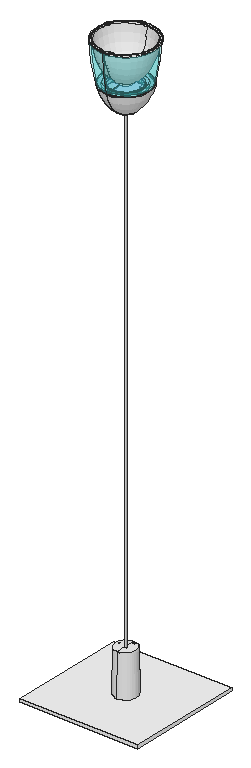
Revit family "BE_56565.1_de_DE", category Leuchten, Revit 2015
Parameters (values of type "BEGA_56565.1_K4")
  built-in parameter 1150104 = 15.143 (stored number, unit not read)
  Wattage = 13.5 W
  Default Elevation = 0 mm
  built-in parameter 1150113 = 1 (stored number, unit not read)
  built-in parameter 1114218 = 1 (stored number, unit not read)
  Umgebungstemperatur = "25 °C"
  URL = "http://www.bega.de/produkt/56565.1"
  Typenkommentare = "© 2017 BEGA. Wir behalten uns das Recht vor, technische Änderungen ohne vorherige Ankündigung vorzunehmen."  # constant formula
  built-in parameter 1150134 = 12
  built-in parameter 1150109 = 1 (stored number, unit not read)
  Strom = ""
  built-in parameter 1150110 = 1 (stored number, unit not read)
  Spannung = 239.996 V
  Sonderanfertigung = no
  Seriennummer [instance] = "Hier können Sie die eindeutige Seriennummer für das Facility Management eintragen."
  Schutzklasse = "I"
  Schutzart = "IP 20"
  Scheinlast = 0 VA
  Produktdatenblatt = "http://www.bega.de/download/Xrfa/db/56565.1.db.de.pdf"
  Oberflächentemperatur = ""
  Neigungswinkel = 0.00°
  Modell = "56565.1K4"
  Material_18 = BEGA_Gummi_schwarz
  Material_17 = BEGA_Reflektor
  Material_15 = BEGA_Leuchtmedium_matt
  Material_11 = BEGA_Glas_opal
  Material_10 = BEGA_Glas_matt
  Material_09 = BEGA_Glas_klar
  Material_06 = BEGA_Oberfläche_Edelstahl_gebürstet
  Material_05 = BEGA_Oberfläche_Aluminium Guss
  Material_03 = BEGA_Oberfläche_Weiss_matt
  Material_02 = BEGA_Oberfläche_Silber_matt
  Material_01 [instance] = BEGA_Oberfläche_Grafit_matt
  M_W = no
  M_G = no
  M_A = no
  Logo = 0
  built-in parameter 1114217 = 1 (stored number, unit not read)
  built-in parameter 1150139 = (empty or 0)
  built-in parameter 1150105 = 175.11 (stored number, unit not read)
  built-in parameter 1150114 = 1 (stored number, unit not read)
  Lumens = 2200.5 lm
  built-in parameter 1150115 = 1 (stored number, unit not read)
  Leuchtenlichtstrom = "1567 lm"
  Leuchtenanzahl = ""
  Lebensdauerkriterien = "L70B50 @ 25 °C = 500000 h"
  Lastklassifizierung = Beleuchtung
  built-in parameter 1150112 = 1 (stored number, unit not read)
  Lampenlichtstrom = "2200 lm"
  Lampe = "LED 13.5 W"
  LED_Modulbezeichnung = "LED-0328/940"
  Hersteller = "BEGA"  # constant formula
  Halbstreuwinkel = ""
  Gewicht = "2.5 kg"
  Gebrauchslageneinschränkung [instance] = ""
  Frequenz = "0/50-60 Hz"
  Farbwiedergabeindex = "Ra > 90"
  Farbtemperaturverschiebung bei Dämpfen der Lampe = <Keine Auswahl>
  Farbtemperatur = "4000 K"
  Color Filter = 16777215
  built-in parameter 1150133 = 10 (stored number, unit not read)
  Energieeffizienzklasse = "LED A++ - A"
  built-in parameter 1150137 = (empty or 0)
  built-in parameter 1150132 = (empty or 0)
  ENEC = "ja"
  Dimmbar [instance] = "DALI"
  Datei für fotometrisches Netz = "BE_56565K4.IES"
  CE_Konformität = "ja"
  Bestellnummer = "56565.1K4"
  Beschreibung_Sonderanfertigung = "Hier können Sie Informationen zur Sonderanfertigung eintragen."
  Beschreibung = "Pendelleuchte"
  built-in parameter 1150106 = 1.7511 (stored number, unit not read)
  Befestigungsbohrung = ""
  Befestigungsabstand = ""
  Ballwurfsicher = ""
  BEGA_Intern_aus = yes
  BEGA_Intern_an = yes
  BEGA_Intern_Konstruktion = yes
  BEGA_Intern = yes
  BEGA_IES = yes
  BEGA_Dummy = no
  Anschlussleitung = ""
  Anschlussleistung [instance] = "15.5 W"
  Anschlusskasten = ""
  built-in parameter 1150107 = 4000 (stored number, unit not read)
  built-in parameter 1150102 = (empty or 0)
  built-in parameter 1150138 = (empty or 0)
  Aktualisierung = "2017-09-27T04:10:59"
  Abstand_zur_angestrahlten_Fläche [instance] = ""
  AC/DC = "AC/DC"
Types (2, lengths in mm): name | built-in parameter 1150104 | built-in parameter 1150134 | Modell | built-in parameter 1150105 | Lumens | Leuchtenlichtstrom | Lampenlichtstrom | LED_Modulbezeichnung | Farbtemperatur | Datei für fotometrisches Netz | Bestellnummer | built-in parameter 1150106 | built-in parameter 1150107
  BEGA_56565.1_K4 | 15.143 (stored number, unit not read) | 12 | "56565.1K4" | 175.11 (stored number, unit not read) | 2200.5 lm | "1567 lm" | "2200 lm" | "LED-0328/940" | "4000 K" | "BE_56565K4.IES" | "56565.1K4" | 1.7511 (stored number, unit not read) | 4000 (stored number, unit not read)
  BEGA_56565.1_K3 | 14.688 (stored number, unit not read) | (empty or 0) | "56565.1" | 169.85 (stored number, unit not read) | 2134.35 lm | "1520 lm" | "2135 lm" | "LED-0328/930" | "3000 K" | "BE_56565.IES" | "56565.1" | 1.6985 (stored number, unit not read) | 3000 (stored number, unit not read)
Reference planes
  plane 1 "Mitte (Vorne/Hinten)": y = 0
  plane 2: z = 0
  plane 3 "Mitte (Links/Rechts)": x = 0
  plane 4 "Links": x = -98.7
  plane 5 "Rechts": x = 98.7
  plane 6 "Unten": y = -98.701
  plane 7 "Oben": y = 98.701
  plane 8 "Vorne": z = 2000
  plane 9 "Hinten": z = 0
Forms (mm)
  Extrusion 1, solid, material "BEGA_Platte_Weiss"
    sketch origin (0, -1119.2, 0) x (1, 0, 0) y (0, 1, 0)
      loop
        line (-200, 1319.2) -> (-200, 919.2) -> (200, 919.2) -> (200, 1319.2) -> (-200, 1319.2)
    from 0 to -10
  Extrusion 2, solid, material "BEGA_Dummy_matt", visible <- "BEGA_Dummy"
    sketch origin (77.149, -76.023, 0) x (1, 0, 0) y (0, 1, 0)
      loop
        circle (-77.149, 76.023) r 98.7
    from 0 to 2000
Dimensions and locks
  plane 1 "Mitte (Vorne/Hinten)" to Extrusion 1 = 200 mm
  aligned and locked: plane 2 to Extrusion 1
  aligned and locked: level to Extrusion 1
Nested families
  nested 1: "BE_56565.1" at (0, 0, 0), type "BE_56565.1"
Connectors
  electrical at (0, 0, 0), driven by "Lastklassifizierung", driven by "Spannung", driven by "Scheinlast"
    settings: index 1, voltage 239.996 V, apparent load 0 VA, apparent load phase1 0 VA, apparent load phase2 0 VA, apparent load phase3 0 VA, power factor 1, load classification "Beleuchtung", number of poles 1, system type 31, power factor state 1, is connector primary yes, connector utility no, sub classification motor no, connector description ""
Definition of nested family "BE_56565.1"
  Parameters (values of type "BE_56565.1")
    Default Elevation = 1 mm
    URL = "http://www.bega.de/de/produkt"
    Type Comments = "© 2015 BEGA. Wir behalten uns das Recht vor, technische Änderungen ohne vorherige Ankündigung vorzunehmen. "  # constant formula
    Type Image = (empty or 0)
    Neigungswinkel_um_Z2 = 0.00°
    Neigungswinkel_um_Z1 = 0.00°
    Neigungswinkel_um_Y2 = 0.00°
    Neigungswinkel_um_Y1 = 0.00°
    Neigungswinkel_um_X2 = 0.00°
    Neigungswinkel_um_X1 = 0.00°
    Material_18 = none
    Material_17 = none
    Material_15 = none
    Material_11 = none
    Material_10 = none
    Material_09 = none
    Material_06 = none
    Material_05 = none
    Material_03 = none
    Material_02 = none
    Material_01 = none
    M_W = yes
    M_G = yes
    M_A = yes
    Länge_Platte = 300 mm  # constant formula
    Höhe_Platte = -10 mm  # constant formula
    Manufacturer = "BEGA"  # constant formula
    Drehwinkel_um_Z2 = 0.00°
    Drehwinkel_um_Z1 = 0.00°
    Breite_Platte = 300 mm  # constant formula
  Reference planes
    plane 1 "Mitte (Oben/Unten)": y = 0
    plane 2: z = 0
    plane 3 "Mitte (Links/Rechts)": x = 0
    plane 4: y = 98.701
    plane 5: z = 2000
    plane 6: y = -98.701
    plane 7: x = -98.7
    plane 8: x = 98.7
  Forms (mm)
    Extrusion 1, solid, detail levels medium
      sketch origin (0, 0, 0) x (1, 0, 0) y (0, 1, 0)
        loop
          line (-150, 150) -> (-150, -150) -> (150, -150) -> (150, 150) -> (-150, 150)
      from 0 to -10 <- "Höhe_Platte"
    Revolve 2, solid, material <- "Material_03", detail levels medium+fine
      sketch origin (0, 0, 0) x (0, 1, 0) y (0, 0, 1)
        loop
          line (-36.248, 0.5) -> (-34, 0.5) -> (-34, 2.676) -> (-32.481, 2.729) -> (-31.3, 138.025)
          arc (-31.3, 138.025) -> (-30.705, 139.423) -> (-29.3, 140) r 2
          line (-29.3, 140) -> (0, 140) -> (0, 143.501)
          arc (0, 143.501) -> (-17.512, 143.245) -> (-35.009, 142.479) r 600
          line (-35.009, 142.479) -> (-36.248, 0.5)
        axis (0, 0.5) -> (0, 143.501)
      angle from 0 to 360
    Revolve 3, solid, material <- "Material_05", detail levels medium+fine
      sketch origin (0, 0, 0) x (0, 1, 0) y (0, 0, 1)
        loop
          line (-32.14, 2) -> (-32.175, 1) -> (-33.765, 1) -> (-33.8, 0) -> (0, 0) -> (0, 2) -> (-32.14, 2)
        axis (0, 0) -> (0, 2)
      angle from 0 to 360
    Extrusion 4, void
      sketch origin (0, 0, 0) x (1, 0, 0) y (0, 1, 0)
        loop
          arc (-9.887, 12.652) -> (-16.053, -0.003) -> (-9.876, -12.652) r 16.053
          line (-9.876, -12.652) -> (9.484, -12.652)
          arc (9.484, -12.652) -> (15.815, -0.003) -> (9.495, 12.652) r 15.815
          line (9.495, 12.652) -> (-9.887, 12.652)
        loop
          circle (-0.016, 25) r 2.25
        loop
          circle (-0.016, -25) r 2.25
      from 0 to 3.541
    Revolve 5, solid, material <- "Material_03", detail levels medium+fine
      sketch origin (0, 0, 0) x (0, 1, 0) y (0, 0, 1)
        loop
          line (-90.72, 2000.004) -> (-97.699, 2000.004)
          arc (-97.699, 2000.004) -> (-98.408, 1999.71) -> (-98.701, 1999.002) r 1.002
          line (-98.701, 1999.002) -> (-98.701, 1997) -> (-97.7, 1997) -> (-97.614, 1999) -> (-90.721, 1999)
          spline (-90.721, 1999) -> (-89.535, 1984.896) -> (-87.434, 1971.047) -> (-84.441, 1957.596) -> (-80.582, 1944.682) -> (-75.892, 1932.438) -> (-70.424, 1920.981) -> (-64.234, 1910.431) -> (-57.378, 1900.901) -> (-49.924, 1892.488) -> (-41.947, 1885.28) -> (-33.527, 1879.353) -> (-24.75, 1874.77)
          line (-24.75, 1874.77) -> (-24.75, 1869.5) -> (-23.753, 1869.5) -> (-23.753, 1874.786)
          arc (-23.753, 1874.786) -> (-23.92, 1875.336) -> (-24.363, 1875.702) r 0.997
          spline (-24.363, 1875.702) -> (-33.016, 1880.219) -> (-41.329, 1886.071) -> (-49.216, 1893.198) -> (-56.598, 1901.528) -> (-63.396, 1910.973) -> (-69.543, 1921.438) -> (-74.973, 1932.814) -> (-79.633, 1944.984) -> (-83.472, 1957.823) -> (-86.453, 1971.199) -> (-88.544, 1984.974) -> (-89.723, 1999.007)
          arc (-89.723, 1999.007) -> (-90.015, 1999.712) -> (-90.72, 2000.004) r 0.996
        axis (0, 1869.5) -> (0, 2000.004)
      angle from 0 to 360
    Revolve 6, solid, material <- "Material_09", detail levels medium+fine
      sketch origin (0, 0, 0) x (0, 1, 0) y (0, 0, 1)
        loop
          arc (-97.614, 1999) -> (-92.825, 1931.295) -> (-80.779, 1864.497) r 629.936
          arc (-80.779, 1864.497) -> (-80.433, 1863.938) -> (-79.821, 1863.698) r 1.04
          line (-79.821, 1863.698) -> (-65.895, 1862.968) -> (-61, 1837.468) -> (-56.5, 1837.468) -> (-56.5, 1860.345)
          arc (-56.5, 1860.345) -> (-58.424, 1865.16) -> (-63.134, 1867.33) r 7
          line (-63.134, 1867.33) -> (-77.199, 1868.067)
          arc (-77.199, 1868.067) -> (-88.717, 1933.108) -> (-93.313, 1999) r 625.636
          line (-93.313, 1999) -> (-97.614, 1999)
        axis (0, 1837.468) -> (0, 1999)
      angle from 0 to 360
    Revolve 7, solid, material <- "Material_03", detail levels medium+fine
      sketch origin (0, 0, 0) x (0, 1, 0) y (0, 0, 1)
        loop
          line (0.025, 1775.9) -> (0.025, 1779.75)
          arc (0.025, 1779.75) -> (-21.17, 1783.699) -> (-39.04, 1795.761) r 53.013
          arc (-39.04, 1795.761) -> (-62.198, 1826.889) -> (-76.386, 1863) r 146.692
          line (-76.386, 1863) -> (-80.4, 1863)
          arc (-80.4, 1863) -> (-65.84, 1825.416) -> (-41.834, 1793.04) r 150.592
          arc (-41.834, 1793.04) -> (-24.398, 1780.841) -> (-3.7, 1775.9) r 56.913
          line (-3.7, 1775.9) -> (0.025, 1775.9)
        axis (0.025, 1775.9) -> (0.025, 1863)
      angle from 0 to 360
    Revolve 8, solid, material <- "Material_03", detail levels medium+fine
      sketch origin (0, 0, 0) x (0, 1, 0) y (0, 0, 1)
        loop
          line (-2.51, 118.995) -> (0, 118.995) -> (0, 1796.8) -> (-2.51, 1796.8) -> (-2.51, 118.995)
        axis (0, 1796.8) -> (0, 118.995)
      angle from 0 to 360
    Revolve 9, solid, material <- "Material_10", detail levels medium+fine
      sketch origin (0, 0, 0) x (0, 1, 0) y (0, 0, 1)
        loop
          line (0, 1869.794) -> (0, 1883.794)
          arc (0, 1883.794) -> (-11.444, 1882.094) -> (-21.9, 1877.14) r 39.364
          arc (-21.9, 1877.14) -> (-22.828, 1876.132) -> (-23.211, 1874.815) r 3
          line (-23.211, 1874.815) -> (-23.5, 1869.296) -> (-54.054, 1865.002) -> (-54.472, 1857.03)
          arc (-54.472, 1857.03) -> (-54.337, 1856.657) -> (-53.973, 1856.5) r 0.5
          line (-53.973, 1856.5) -> (-50.494, 1856.5) -> (-50.232, 1861.5) -> (-20.486, 1865.681)
          arc (-20.486, 1865.681) -> (-19.892, 1865.998) -> (-19.635, 1866.621) r 1
          line (-19.635, 1866.621) -> (-19.468, 1869.794) -> (0, 1869.794)
        axis (0, 1883.794) -> (0, 1856.5)
      angle from 0 to 360
  Cuts and joins
    Extrusion 4 cuts Revolve 3
  Dimensions and locks
    equal spacing: Extrusion 1 sketch curve, plane 3 "Mitte (Links/Rechts)", Extrusion 1 sketch curve
    equal spacing: Extrusion 1 sketch curve, plane 1 "Mitte (Oben/Unten)", Extrusion 1 sketch curve
    "Länge_Platte": Extrusion 1 sketch curve to Extrusion 1 sketch curve
    "Breite_Platte": Extrusion 1 sketch curve to Extrusion 1 sketch curve
    aligned and locked: Extrusion 1 to plane 2
    aligned and locked: level to Extrusion 1
  Automatic sketch dimensions
    Revolve 3 sketch curve to plane 1 "Mitte (Oben/Unten)" = 0 mm  (x2)
    Revolve 3 sketch curve to level = 0 mm  (x2)
    plane 1 "Mitte (Oben/Unten)" to Revolve 3 sketch curve = 32.14 mm
    Revolve 3 sketch curve to Revolve 3 sketch curve = 2.125 mm
    Revolve 3 sketch curve to Revolve 3 sketch curve = 0.035 mm  (x2)
    Revolve 3 sketch curve to Revolve 3 sketch curve = 1.59 mm
    level to Revolve 3 sketch curve = 1 mm
    Revolve 3 sketch curve to Revolve 3 sketch curve = 2 mm
    Extrusion 4 sketch curve to Extrusion 4 sketch curve = 0 mm  (x2)
    Extrusion 4 sketch curve to plane 3 "Mitte (Links/Rechts)" = 0 mm
    Extrusion 4 sketch curve to plane 3 "Mitte (Links/Rechts)" = 0.016 mm  (x2)
    Extrusion 4 sketch curve to plane 3 "Mitte (Links/Rechts)" = 9.876 mm
    Extrusion 4 sketch curve to plane 3 "Mitte (Links/Rechts)" = 9.887 mm
    plane 3 "Mitte (Links/Rechts)" to Extrusion 4 sketch curve = 9.484 mm
    plane 1 "Mitte (Oben/Unten)" to Extrusion 4 sketch curve = 25 mm
    Extrusion 4 sketch curve to plane 1 "Mitte (Oben/Unten)" = 0.004 mm
    Extrusion 4 sketch curve to Extrusion 4 sketch curve = 12.348 mm
    plane 1 "Mitte (Oben/Unten)" to Extrusion 4 sketch curve = 12.652 mm
    Revolve 2 sketch curve to plane 1 "Mitte (Oben/Unten)" = 0 mm  (x2)
    plane 1 "Mitte (Oben/Unten)" to Revolve 2 sketch curve = 29.3 mm
    Revolve 2 sketch curve to Revolve 2 sketch curve = 2 mm
    level to Revolve 2 sketch curve = 2.729 mm
    plane 1 "Mitte (Oben/Unten)" to Revolve 2 sketch curve = 32.481 mm
    Revolve 2 sketch curve to Revolve 2 sketch curve = 1.52 mm
    Revolve 2 sketch curve to Revolve 2 sketch curve = 3.709 mm
    level to Revolve 2 sketch curve = 0.5 mm
    Revolve 2 sketch curve to Revolve 2 sketch curve = 2.248 mm
    Revolve 2 sketch curve to level = 456.499 mm
    Revolve 2 sketch curve to Revolve 2 sketch curve = 0.053 mm
    Revolve 2 sketch curve to Revolve 2 sketch curve = 135.271 mm
    Revolve 2 sketch curve to Revolve 2 sketch curve = 0.025 mm
    Revolve 2 sketch curve to Revolve 2 sketch curve = 0 mm  (x4)
    Revolve 2 sketch curve to Revolve 2 sketch curve = 4.454 mm
    Revolve 2 sketch curve to Revolve 2 sketch curve = 46.562 mm
    plane 1 "Mitte (Oben/Unten)" to Revolve 7 sketch curve = 1.065 mm
    plane 1 "Mitte (Oben/Unten)" to Revolve 7 sketch curve = 3.7 mm
    Revolve 7 sketch curve to Revolve 7 sketch curve = 0 mm  (x8)
    Revolve 7 sketch curve to plane 1 "Mitte (Oben/Unten)" = 0.025 mm  (x2)
    Revolve 7 sketch curve to Revolve 7 sketch curve = 3.85 mm  (x2)
    Revolve 7 sketch curve to Revolve 7 sketch curve = 2.794 mm  (x2)
    Revolve 7 sketch curve to Revolve 7 sketch curve = 4.014 mm
    Revolve 7 sketch curve to Revolve 7 sketch curve = 2.721 mm
    Revolve 6 sketch curve to Revolve 6 sketch curve = 0 mm  (x6)
    Revolve 6 sketch curve to plane 1 "Mitte (Oben/Unten)" = 0 mm
    Revolve 6 sketch curve to Revolve 6 sketch curve = 4.5 mm
    Revolve 6 sketch curve to Revolve 6 sketch curve = 7 mm
    Revolve 6 sketch curve to Revolve 6 sketch curve = 2.395 mm
    Revolve 6 sketch curve to Revolve 6 sketch curve = 2.568 mm
    Revolve 6 sketch curve to Revolve 6 sketch curve = 0.054 mm
    Revolve 6 sketch curve to Revolve 6 sketch curve = 4.301 mm
    Revolve 6 sketch curve to Revolve 6 sketch curve = 22.871 mm
    Revolve 6 sketch curve to Revolve 6 sketch curve = 0.005 mm
    Revolve 6 sketch curve to Revolve 6 sketch curve = 2.629 mm
    Revolve 6 sketch curve to Revolve 6 sketch curve = 0.73 mm
    Revolve 6 sketch curve to Revolve 6 sketch curve = 1.039 mm
    Revolve 6 sketch curve to Revolve 6 sketch curve = 3.33 mm
    Revolve 6 sketch curve to Revolve 6 sketch curve = 130.933 mm
    Revolve 6 sketch curve to Revolve 6 sketch curve = 2.762 mm
    Revolve 6 sketch curve to Revolve 6 sketch curve = 4.538 mm
    Revolve 6 sketch curve to Revolve 6 sketch curve = 60 mm
    Revolve 5 sketch curve to plane 1 "Mitte (Oben/Unten)" = 0 mm
    plane 1 "Mitte (Oben/Unten)" to Revolve 5 sketch curve = 23.753 mm
    Revolve 5 sketch curve to Revolve 5 sketch curve = 0.997 mm  (x2)
    Revolve 5 sketch curve to Revolve 5 sketch curve = 0.001 mm  (x2)
    Revolve 5 sketch curve to Revolve 5 sketch curve = 6.893 mm
    Revolve 5 sketch curve to Revolve 5 sketch curve = 0.086 mm
    Revolve 5 sketch curve to Revolve 5 sketch curve = 1.001 mm
    Revolve 5 sketch curve to Revolve 5 sketch curve = 5.27 mm
    Revolve 5 sketch curve to Revolve 5 sketch curve = 0.013 mm
    Revolve 5 sketch curve to Revolve 5 sketch curve = 0.003 mm
    Revolve 5 sketch curve to Revolve 5 sketch curve = 122.217 mm
    Revolve 5 sketch curve to Revolve 5 sketch curve = 2 mm
    Revolve 5 sketch curve to Revolve 5 sketch curve = 0.002 mm
    Revolve 5 sketch curve to Revolve 5 sketch curve = 0.007 mm
    plane 1 "Mitte (Oben/Unten)" to Revolve 5 sketch curve = 0 mm
    Revolve 5 sketch curve to Revolve 5 sketch curve = 0.387 mm
    Revolve 5 sketch curve to Revolve 5 sketch curve = 19.011 mm
    Revolve 5 sketch curve to Revolve 5 sketch curve = 41.039 mm
    Revolve 5 sketch curve to Revolve 5 sketch curve = 10.984 mm
    Revolve 9 sketch curve to plane 1 "Mitte (Oben/Unten)" = 0 mm  (x2)
    plane 1 "Mitte (Oben/Unten)" to Revolve 9 sketch curve = 0.001 mm
    plane 1 "Mitte (Oben/Unten)" to Revolve 9 sketch curve = 19.468 mm
    Revolve 9 sketch curve to Revolve 9 sketch curve = 0.166 mm
    Revolve 9 sketch curve to Revolve 9 sketch curve = 0.746 mm
    Revolve 9 sketch curve to Revolve 9 sketch curve = 0.852 mm
    Revolve 9 sketch curve to Revolve 9 sketch curve = 0.147 mm
    Revolve 9 sketch curve to Revolve 9 sketch curve = 2.866 mm
    Revolve 9 sketch curve to Revolve 9 sketch curve = 0.262 mm
    Revolve 9 sketch curve to Revolve 9 sketch curve = 3.479 mm
    Revolve 9 sketch curve to Revolve 9 sketch curve = 3.822 mm
    Revolve 9 sketch curve to Revolve 9 sketch curve = 0.499 mm
    Revolve 9 sketch curve to Revolve 9 sketch curve = 12.07 mm
    Revolve 9 sketch curve to Revolve 9 sketch curve = 0.5 mm
    Revolve 9 sketch curve to Revolve 9 sketch curve = 5 mm
    Revolve 9 sketch curve to Revolve 9 sketch curve = 3.502 mm
    Revolve 9 sketch curve to Revolve 9 sketch curve = 21.25 mm
    Revolve 9 sketch curve to Revolve 9 sketch curve = 0.941 mm
    Revolve 9 sketch curve to Revolve 9 sketch curve = 2.627 mm
    Revolve 9 sketch curve to Revolve 9 sketch curve = 3.173 mm
    Revolve 9 sketch curve to Revolve 9 sketch curve = 4.864 mm
    Revolve 9 sketch curve to Revolve 9 sketch curve = 14 mm
    Revolve 9 sketch curve to Revolve 9 sketch curve = 1.685 mm
    Revolve 9 sketch curve to Revolve 9 sketch curve = 1.311 mm
    Revolve 9 sketch curve to Revolve 9 sketch curve = 0 mm  (x3)
    Revolve 9 sketch curve to Revolve 9 sketch curve = 4.35 mm
    Revolve 8 sketch curve to plane 1 "Mitte (Oben/Unten)" = 0 mm  (x2)
    Revolve 8 sketch curve to Revolve 8 sketch curve = 2.51 mm
    level to Revolve 8 sketch curve = 118.995 mm
    Revolve 8 sketch curve to Revolve 8 sketch curve = 50 mm
    plane 1 "Mitte (Oben/Unten)" to Revolve 5 sketch curve = 90.72 mm
    plane 1 "Mitte (Oben/Unten)" to Revolve 6 sketch curve = 56.5 mm
    Revolve 6 sketch curve to Revolve 6 sketch curve = 11.304 mm
    plane 1 "Mitte (Oben/Unten)" to Revolve 6 sketch curve = 93.313 mm
    plane 1 "Mitte (Oben/Unten)" to Revolve 7 sketch curve = 76.386 mm
    Revolve 9 sketch curve to Revolve 9 sketch curve = 26.732 mm
    plane 5 to Revolve 5 sketch curve = 130.5 mm
    Revolve 6 sketch curve to plane 5 = 9.529 mm
    Revolve 6 sketch curve to plane 4 = 433.533 mm
    plane 5 to Revolve 7 sketch curve = 224.1 mm
    plane 5 to Revolve 8 sketch curve = 203.2 mm
    Revolve 8 sketch curve to Revolve 8 sketch curve = 502.805 mm
    plane 5 to Revolve 9 sketch curve = 155.57 mm
    radius of Extrusion 4 sketch curve = 2.25 mm  (x2)
